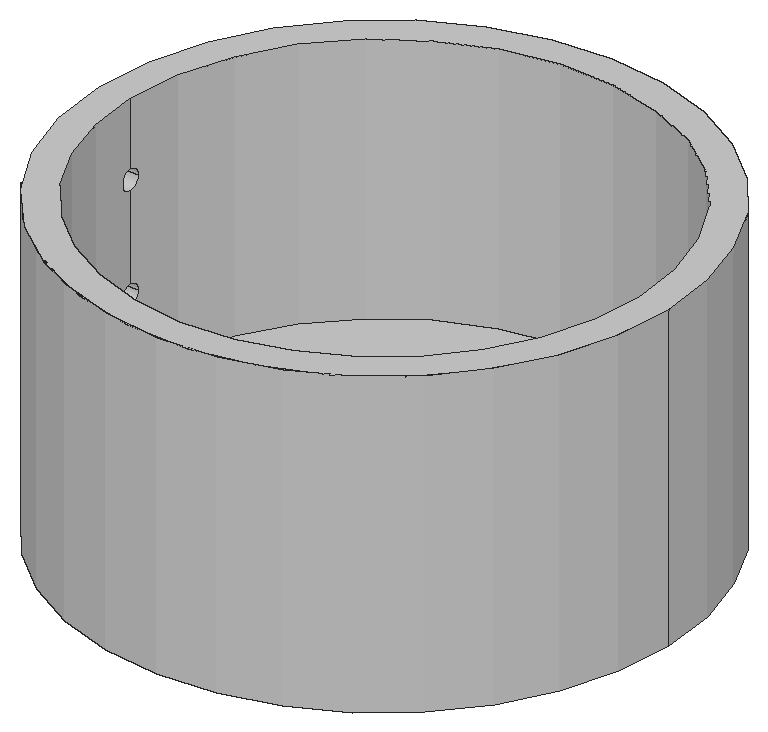
Revit family "KSP 15.9", category Фундамент несущей конструкции, Revit 2025
Family settings
  Материал для поведения модели = Прочее
  Заглушка = Нет
  Номер OmniClass = 23.25.05.00
  Заголовок OmniClass = Foundations
  На основе рабочей плоскости = Нет
  Всегда вертикально = Да
  При загрузке вырезать с полостями = Нет
  Общий = Нет
  Показывать семейство разрезанным на планах = Да
Parameters
  Петля = Петля_П1_П2 : П2
Reference planes
  plane 1 "По центру (Вперед/Назад)": y = -35
  plane 2: z = 0
  plane 3 "По центру (Влево/Вправо)": x = 0
  plane 4: z = 890
  plane 5: x = -840
  plane 6: x = -750
  plane 7: x = -650
  plane 8: x = 50
  plane 9: x = 750
  plane 10: x = 840
  plane 11: z = 150
  plane 12: x = -830
  plane 13: x = 830
  plane 14: z = 370
  plane 15: x = -300
  plane 16: z = 675
Forms (mm)
  Extrusion 1, solid, material "Бетон В15"
    sketch origin (0, 0, 0) x (1, 0, 0) y (0, 1, 0)
      loop
        circle (0, -35) r 840
      loop
        circle (0, -35) r 750
    from 0 to 890
  Extrusion 2, solid, material "Бетон В15"
    sketch origin (0, 0, 0) x (1, 0, 0) y (0, 1, 0)
      loop
        circle (0, -35) r 750
      loop
        circle (-300, -35) r 350
    from 0 to 150
  Extrusion 3, void
    sketch origin (0, 0, 0) x (0, 1, 0) y (0, 0, 1)
      loop
        circle (-35, 370) r 30
    from -830 to 830
  Extrusion 4, void
    sketch origin (0, 0, 305) x (0, 1, 0) y (0, 0, 1)
      loop
        circle (-35, 370) r 30
    from -830 to 830
Cuts and joins
  Extrusion 3, Extrusion 4 cuts Extrusion 1
  Extrusion 4 cuts Extrusion 2
  joined: Extrusion 1, Extrusion 2
Dimensions and locks
  plane 4 to level = 890 mm
  plane 14 to level = 370 mm
  plane 16 to plane 14 = 305 mm
  aligned and locked: plane 2 to level
